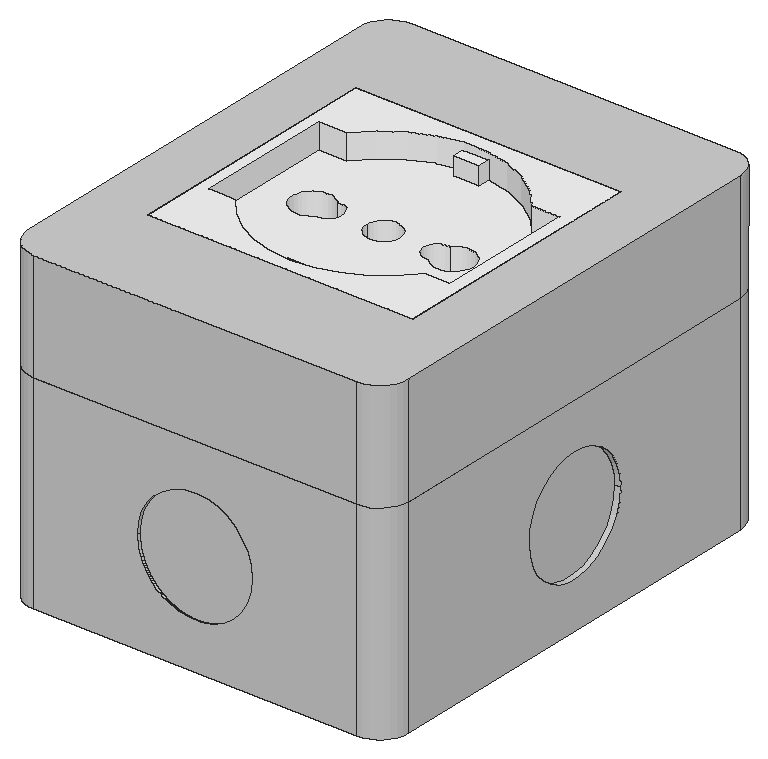
Revit family "Domotics-DomesticRanges-GEWISS-27COMBI_SYSTEM-IP40_SOCKET-OUTLET_ITA_DEU", category Apparecchi elettrici, host Superficie, Revit 2016
Family settings
  Host = Superficie
  Mantenere orientamento annotazione = Sì
  Tipo di parte = Normale
  Quota connettore circolare = Usa diametro
  Numero OmniClass = 23.80.50.14
  Titolo OmniClass = Plug Connectors
  Taglio con vuoti quando caricato = Sì
  Condiviso = Sì
  Punto di calcolo locali = No
Parameters (values of type "GW27812 - With 2P+E 16A d.amp ita/ger std socket IP40")
  Voltage: = "250 V ac"
  Voltage = "230V ac"
  Vista di pianta [instance] = yes
  Version file RFA = "19.4"
  URL = "https://www.gewiss.com/ww/en"
  Type of knockout holes = "Removable with tool"
  Torque screws tightening = "0,8NM"
  Thermo-pressure with ball = "70 °C"
  Technical sheet = "https://www.gewiss.com/ww/en/search?q=GW27812"
  Standard; = "IEC 60884-1"
  Simbolo = SIMBOLO PRESE : PRESA
  SIMBOLO [instance] = yes
  SEO = "Enclosure"
  SCATOLA = GEWISS GRIGIO
  Realized by GEWISS S.p.A. = ""
  Produttore = "GEWISS S.p.A."
  Outer dim. LxHxD (mm) = "66x82x55"
  Offset contenitore [instance] = 0 mm
  Offset bidimensionale [instance] = Offset contenitore + 55 mm  # 55 mm
  No. knockout holes Ã˜23 = "3 on sides / 1 on the bottom"
  N. holes Ã˜ 23 with cable gland = "1"
  Modello = "GW27812"
  Lid screws = "Corrosion-resistant steel"
  Larghezza scatola = 66 mm
  Larghezza foro = 23 mm
  Insulation class = "II"
  Installation temperature = "-25 +60 °C"
  IP degree = "IP40"
  IFC.TypeObject = ""
  IFC.ExportType = ""
  IFC.ExportAs = ""
  IDT = "02c93d32-6b55-41be-8c82-e1a355b4a134"
  IDF = "929f552d-a035-4d17-9d42-3083c22ae845"
  Glow Wire Test = "650°C"
  GW - Testo elettrico = "10/16"
  Electrocod = "0131"
  EAN code = "8011564095403"
  Distanza orizzontale simbolo [instance] = 231.658 mm
  Distanza dal muro [instance] = 0 mm
  Default Elevation = 1219.2 mm
  Immagine tipo = GW27812.jpg
  Dimensions LxHxD (mm) = "66x82x55"
  Descrizione = "2P+E 16A D.AMP ITA/GER STD SOCKET IP40"
  Description: = "S.-outlet 2P+E - 16A Dual amp"
  Cornice simbolo [instance] = yes
  Colour = "Grey RAL 7035"
  Characteristics = "Italian/German standard"
  Catalogue Range = "27COMBI"
  Catalogue = "DOMOTICS"
  COBie.Tagnumber = ""
  COBie.CreatedOn = ""
  COBie.CreatebBy = ""
  COBie.ComponentRegisterItemID = ""
  COBie.Component.TagNumber = ""
  COBie.Component.Space = ""
  COBie.Component.SerialNumber = ""
  COBie.Component.InstallationDate = ""
  COBie.Component.Description = ""
  COBie.Component.BarCode = ""
Reference planes
  plane 1 "Centro (Fronte/Retro)": y = 0
  plane 2: z = 0
  plane 3 "Centro (Sinistra/Destra)": x = 0
  plane 4 "1": z = 0
  plane 5 "piano bidimensionale": z = 55
  plane 6: x = -231.658
  plane 7: x = -11.5
  plane 8: x = 11.5
  plane 9: x = -33
  plane 10: x = 33
Forms (mm)
  Extrusion 1, solid, material "GEWISS GRIGIO" <- "SCATOLA", detail levels coarse
    sketch origin (0, 0, 0) x (0, -1, 0) y (1, 0, 0)
      loop
        line (-41, 28) -> (-41, -28)
        arc (-41, -28) -> (-39.536, -31.536) -> (-36, -33) r 5
        line (-36, -33) -> (36, -33)
        arc (36, -33) -> (39.536, -31.536) -> (41, -28) r 5
        line (41, -28) -> (41, 28)
        arc (41, 28) -> (39.536, 31.536) -> (36, 33) r 5
        line (36, 33) -> (-36, 33)
        arc (-36, 33) -> (-39.536, 31.536) -> (-41, 28) r 5
    from 0 to 55
Lines and regions (mm)
  Masking region 1, visible <- "Vista di pianta"
    outline origin (0, 0, 0) x (1, 0, 0) y (0, 0, 1)
      loop
        line (33, 55) -> (-33, 55) -> (-33, 0) -> (33, 0) -> (33, 55)
  Masking region 2
    outline origin (0, 0, 0) x (1, 0, 0) y (0, 0, 1)
      loop
        line (-33, 0) -> (33, 0) -> (33, 55) -> (-33, 55) -> (-33, 0)
  Masking region 3
    outline origin (0, 0, 0) x (0, 1, 0) y (0, 0, 1)
      loop
        line (-41, 0) -> (41, 0) -> (41, 55) -> (-41, 55) -> (-41, 0)
  Masking region 4
    outline origin (0, 0, 55) x (0, -1, 0) y (1, 0, 0)
      loop
        line (-11.913, -20.961) -> (11.913, -20.961) -> (11.913, -16.493)
        arc (11.913, -16.493) -> (20.345, 0) -> (11.913, 16.493) r 20.345
        line (11.913, 16.493) -> (11.913, 20.961) -> (-11.913, 20.961) -> (-11.913, 16.013)
        arc (-11.913, 16.013) -> (-19.959, 0) -> (-11.913, -16.013) r 19.959
        line (-11.913, -16.013) -> (-11.913, -20.961)
      loop
        arc (2.712, -9.662) -> (0.143, -7.04) -> (-2.27, -9.805) r 2.5
        arc (-2.27, -9.805) -> (0.395, -15.774) -> (2.712, -9.662) r 3.536
      loop
        circle (0.137, 0.006) r 2.942
      loop
        arc (2.712, 9.662) -> (0.395, 15.774) -> (-2.27, 9.805) r 3.536
        arc (-2.27, 9.805) -> (0.143, 7.04) -> (2.712, 9.662) r 2.5
  Masking region 5, detail levels medium+fine
    outline origin (0, 0, 0) x (1, 0, 0) y (0, 0, 1)
      loop
        circle (0, 17.851) r 11.5
  Masking region 6, detail levels medium+fine
    outline origin (0, 0, 0) x (0, 1, 0) y (0, 0, 1)
      loop
        circle (0, 18.3) r 11.5
  Masking region 7
    outline origin (0, 0, 55) x (0, -1, 0) y (1, 0, 0)
      loop
        line (-22.5, -23) -> (22.5, -23) -> (22.5, 23) -> (-22.5, 23) -> (-22.5, -23)
      loop
        line (-11.913, -16.013) -> (-11.913, -20.961) -> (11.913, -20.961) -> (11.913, -16.493)
        arc (11.913, -16.493) -> (20.345, 0) -> (11.913, 16.493) r 20.345
        line (11.913, 16.493) -> (11.913, 20.961) -> (-11.913, 20.961) -> (-11.913, 16.013)
        arc (-11.913, 16.013) -> (-19.959, 0) -> (-11.913, -16.013) r 19.959
  model lines, detail levels coarse
    curve 1: line (-23, 22.5, 55) -> (23, 22.5, 55)
    curve 2: line (-23, -22.5, 55) -> (-23, 22.5, 55)
    curve 3: line (23, -22.5, 55) -> (-23, -22.5, 55)
    curve 4: line (23, 22.5, 55) -> (23, -22.5, 55)
    curve 5: arc (-16.013, 11.913, 55) -> (0, 19.959, 55) -> (16.013, 11.913, 55) r 19.959
    curve 6: line (16.013, 11.913, 55) -> (20.961, 11.913, 55)
    curve 7: line (20.961, 11.913, 55) -> (20.961, -11.913, 55)
    curve 8: line (20.961, -11.913, 55) -> (16.493, -11.913, 55)
    curve 9: arc (16.493, -11.913, 55) -> (0, -20.345, 55) -> (-16.493, -11.913, 55) r 20.345
    curve 10: line (-16.493, -11.913, 55) -> (-20.961, -11.913, 55)
    curve 11: line (-20.961, -11.913, 55) -> (-20.961, 11.913, 55)
    curve 12: line (-20.961, 11.913, 55) -> (-16.013, 11.913, 55)
    curve 13: arc (-9.662, -2.712, 55) -> (-15.774, -0.395, 55) -> (-9.805, 2.27, 55) r 3.536
    curve 14: arc (-9.805, 2.27, 55) -> (-7.04, -0.143, 55) -> (-9.662, -2.712, 55) r 2.5
    curve 15: arc (-2.935, -0.137, 55) -> (0.006, 2.805, 55) -> (2.948, -0.137, 55) r 2.942
    curve 16: arc (2.948, -0.137, 55) -> (0.006, -3.079, 55) -> (-2.935, -0.137, 55) r 2.942
    curve 17: arc (9.805, 2.27, 55) -> (15.774, -0.395, 55) -> (9.662, -2.712, 55) r 3.536
    curve 18: arc (9.662, -2.712, 55) -> (7.04, -0.143, 55) -> (9.805, 2.27, 55) r 2.5
    curve 19: line (2.211, 17.826, 55) -> (2.211, 19.836, 55)
    curve 20: arc (2.211, 19.836, 55) -> (0, 19.959, 55) -> (-2.211, 19.836, 55) r 19.959
    curve 21: line (-2.211, 19.836, 55) -> (-2.211, 17.826, 55)
    curve 22: line (-2.211, 17.826, 55) -> (2.211, 17.826, 55)
    curve 23: line (2.211, -18.215, 55) -> (-2.211, -18.215, 55)
    curve 24: line (-2.211, -18.215, 55) -> (-2.211, -20.225, 55)
    curve 25: arc (-2.211, -20.225, 55) -> (0, -20.345, 55) -> (2.211, -20.225, 55) r 20.345
    curve 26: line (2.211, -20.225, 55) -> (2.211, -18.215, 55)
  model lines, not visible, detail levels coarse
    curve 27: line (-23, 22.5, 55) -> (23, 22.5, 55)
    curve 28: line (-23, -22.5, 55) -> (-23, 22.5, 55)
    curve 29: line (23, -22.5, 55) -> (-23, -22.5, 55)
    curve 30: line (23, 22.5, 55) -> (23, -22.5, 55)
    curve 31: arc (-16.013, 11.913, 55) -> (0, 19.959, 55) -> (16.013, 11.913, 55) r 19.959
    curve 32: line (16.013, 11.913, 55) -> (20.961, 11.913, 55)
    curve 33: line (20.961, 11.913, 55) -> (20.961, -11.913, 55)
    curve 34: line (20.961, -11.913, 55) -> (16.493, -11.913, 55)
    curve 35: arc (16.493, -11.913, 55) -> (0, -20.345, 55) -> (-16.493, -11.913, 55) r 20.345
    curve 36: line (-16.493, -11.913, 55) -> (-20.961, -11.913, 55)
    curve 37: line (-20.961, -11.913, 55) -> (-20.961, 11.913, 55)
    curve 38: line (-20.961, 11.913, 55) -> (-16.013, 11.913, 55)
    curve 39: arc (-9.662, -2.712, 55) -> (-15.774, -0.395, 55) -> (-9.805, 2.27, 55) r 3.536
    curve 40: arc (-9.805, 2.27, 55) -> (-7.04, -0.143, 55) -> (-9.662, -2.712, 55) r 2.5
    curve 41: arc (-2.935, -0.137, 55) -> (0.006, 2.805, 55) -> (2.948, -0.137, 55) r 2.942
    curve 42: arc (2.948, -0.137, 55) -> (0.006, -3.079, 55) -> (-2.935, -0.137, 55) r 2.942
    curve 43: arc (9.805, 2.27, 55) -> (15.774, -0.395, 55) -> (9.662, -2.712, 55) r 3.536
    curve 44: arc (9.662, -2.712, 55) -> (7.04, -0.143, 55) -> (9.805, 2.27, 55) r 2.5
    curve 45: line (2.211, 17.826, 55) -> (2.211, 19.836, 55)
    curve 46: arc (2.211, 19.836, 55) -> (0, 19.959, 55) -> (-2.211, 19.836, 55) r 19.959
    curve 47: line (-2.211, 19.836, 55) -> (-2.211, 17.826, 55)
    curve 48: line (-2.211, 17.826, 55) -> (2.211, 17.826, 55)
    curve 49: line (2.211, -18.215, 55) -> (-2.211, -18.215, 55)
    curve 50: line (-2.211, -18.215, 55) -> (-2.211, -20.225, 55)
    curve 51: arc (-2.211, -20.225, 55) -> (0, -20.345, 55) -> (2.211, -20.225, 55) r 20.345
    curve 52: line (2.211, -20.225, 55) -> (2.211, -18.215, 55)
Dimensions and locks
  "Offset contenitore": plane 4 "1" to host face
  "Offset bidimensionale": plane 5 "piano bidimensionale" to plane 2
  "Distanza orizzontale simbolo": plane 3 "Centro (Sinistra/Destra)" to plane 6
  "Larghezza foro": plane 7 to plane 8
  equal spacing: plane 7, plane 3 "Centro (Sinistra/Destra)", plane 8
  "Distanza orizzontale simbolo": plane 6 to plane 3 "Centro (Sinistra/Destra)"
  equal spacing: plane 9, plane 3 "Centro (Sinistra/Destra)", plane 10
  "Larghezza scatola": plane 9 to plane 10
  aligned and locked: plane 2 to host face
  aligned and locked: level to host face
  aligned and locked: plane 10 to Masking region 1 sketch curve
  aligned and locked: Masking region 1 sketch curve to plane 9
  aligned and locked: Masking region 2 sketch curve to Masking region 1
  aligned and locked: plane 5 "piano bidimensionale" to Masking region 3 sketch curve
  aligned and locked: plane 3 "Centro (Sinistra/Destra)" to nested 3
  aligned and locked: plane 1 "Centro (Fronte/Retro)" to nested 3
  aligned and locked: nested 4 to plane 5 "piano bidimensionale"
  aligned and locked: Extrusion 1 sketch curve to nested 4  (x4)
  aligned and locked: plane 5 "piano bidimensionale" to Extrusion 1
  aligned and locked: nested 3 to Extrusion 1  (x2)
  aligned and locked: Masking region 7 sketch curve to nested 4  (x4)
  aligned and locked: nested 3 to nested 2
Automatic sketch dimensions
  host sketch curve to host sketch curve = 2438.4 mm  (x2)
  Masking region 4 sketch curve to Masking region 4 sketch curve = 0 mm  (x2)
  plane 1 "Centro (Fronte/Retro)" to Masking region 4 sketch curve = 0 mm
  Masking region 4 sketch curve to plane 3 "Centro (Sinistra/Destra)" = 0 mm
  Masking region 4 sketch curve to plane 1 "Centro (Fronte/Retro)" = 11.913 mm  (x2)
  plane 8 to Masking region 4 sketch curve = 4.993 mm
  plane 1 "Centro (Fronte/Retro)" to Masking region 4 sketch curve = 11.913 mm
  Masking region 4 sketch curve to plane 7 = 4.993 mm
  Masking region 4 sketch curve to plane 7 = 9.461 mm
  Masking region 4 sketch curve to plane 7 = 4.513 mm
  Masking region 4 sketch curve to Masking region 4 sketch curve = 4.947 mm
  plane 1 "Centro (Fronte/Retro)" to Masking region 4 sketch curve = 0.215 mm  (x2)
  plane 1 "Centro (Fronte/Retro)" to Masking region 4 sketch curve = 0.293 mm  (x2)
  Masking region 4 sketch curve to plane 7 = 0.74 mm
  plane 7 to Masking region 4 sketch curve = 1.961 mm
  Masking region 4 sketch curve to plane 1 "Centro (Fronte/Retro)" = 2.27 mm  (x2)
  plane 7 to Masking region 4 sketch curve = 1.838 mm
  plane 3 "Centro (Sinistra/Destra)" to Masking region 4 sketch curve = 0.006 mm
  plane 1 "Centro (Fronte/Retro)" to Masking region 4 sketch curve = 0.137 mm
  Masking region 4 sketch curve to plane 3 "Centro (Sinistra/Destra)" = 2.935 mm
  Masking region 4 sketch curve to plane 8 = 1.961 mm
  plane 8 to Masking region 4 sketch curve = 0.74 mm
  Masking region 4 sketch curve to plane 8 = 1.838 mm
  Masking region 1 sketch curve to plane 4 "1" = 0 mm
  Masking region 1 sketch curve to plane 5 "piano bidimensionale" = 0 mm
  Masking region 2 sketch curve to plane 5 "piano bidimensionale" = 0 mm
  Masking region 2 sketch curve to plane 9 = 0 mm
  Masking region 2 sketch curve to plane 4 "1" = 0 mm
  Masking region 3 sketch curve to plane 4 "1" = 0 mm
  plane 1 "Centro (Fronte/Retro)" to Masking region 3 sketch curve = 41 mm
  Masking region 3 sketch curve to plane 1 "Centro (Fronte/Retro)" = 41 mm
  Extrusion 1 sketch curve to Extrusion 1 sketch curve = 5 mm  (x2)
  Extrusion 1 sketch curve to plane 10 = 5 mm  (x2)
  Masking region 5 sketch curve to plane 3 "Centro (Sinistra/Destra)" = 0 mm
  plane 4 "1" to Masking region 5 sketch curve = 17.851 mm
  Masking region 6 sketch curve to plane 1 "Centro (Fronte/Retro)" = 0 mm
  plane 4 "1" to Masking region 6 sketch curve = 18.3 mm
  Masking region 7 sketch curve to Masking region 7 sketch curve = 0 mm  (x2)
  plane 1 "Centro (Fronte/Retro)" to Masking region 7 sketch curve = 0 mm
  Masking region 7 sketch curve to plane 3 "Centro (Sinistra/Destra)" = 0 mm
  Masking region 7 sketch curve to Masking region 7 sketch curve = 10.587 mm  (x4)
  Masking region 7 sketch curve to plane 7 = 9.461 mm
  Masking region 7 sketch curve to Masking region 7 sketch curve = 4.468 mm
  Masking region 7 sketch curve to plane 7 = 4.513 mm
  Masking region 7 sketch curve to Masking region 7 sketch curve = 4.947 mm
  radius of Masking region 5 sketch curve = 11.5 mm
  radius of Masking region 6 sketch curve = 11.5 mm
Nested families
  nested 1: "SIMBOLO PRESE" at (-231.658, 78.009, 0), TESTO ELETTRICO <- "GW - Testo elettrico", Distanza dal muro <- "Distanza dal muro", BORDO ACCESO <- "Cornice simbolo", type <- "Simbolo", SIMBOLO <- "SIMBOLO", type "PRESA"
    with TESTO ELETTRICO "10/16", SIMBOLO yes, Distanza dal muro 0 mm, BORDO ACCESO yes
  nested 2: "SYSTEM PRESE ITAGER P17-30 16A_BASE" at (0, 0, 18.3), type "GW20246 - PRESA 2P+T 16A BIV.ST.ITALIANO/TED.SY/WT"
  nested 3: "SYSTEM CONTENITORI IP40_BASE" at (0, 0, 0), type "GW27002 - 2 posti"
  nested 4: "bidimensionale system contenitori IP40" at (0, 0, 55), type "2P", detail levels coarse
Connectors
  cabletrayconduit at (33, 0, 18), diameter 23
    settings: on nested 3, index 1, connector width 300 mm, connector height 300 mm, connector angle 0.00°, system type 32, placement type 0, profile type 0, connector reference index -1, is primary connector yes, connector utility param no, connector description ""
  cabletrayconduit at (0, -41, 18), diameter 23
    settings: on nested 3, index 2, connector width 300 mm, connector height 300 mm, connector angle 0.00°, system type 32, placement type 0, profile type 0, connector reference index -1, is primary connector no, connector utility param no, connector description ""
  cabletrayconduit at (0, 40.592, 18), diameter 23
    settings: on nested 3, index 3, connector width 300 mm, connector height 300 mm, connector angle 0.00°, system type 32, placement type 0, profile type 0, connector reference index -1, is primary connector no, connector utility param no, connector description ""
  cabletrayconduit at (-33, 0, 18), diameter 23
    settings: on nested 3, index 4, connector width 300 mm, connector height 300 mm, connector angle 0.00°, system type 32, placement type 0, profile type 0, connector reference index -1, is primary connector no, connector utility param no, connector description ""
Definition of nested family "SYSTEM PRESE ITAGER P17-30 16A_BASE"
  Parameters (values of type "GW20246 - PRESA 2P+T 16A BIV.ST.ITALIANO/TED.SY/WT")
    Struttura = none
    Pulsante = none
    Profondità supporto = 28.04 mm
    Profondità presa = 36.7 mm
    Larghezza presa = 46 mm
    Distanza simbolo = 30 mm
    Bidimensionale = 44.7 mm
    Altezza simbolo = 30 mm
    Altezza presa = 45 mm
  Types (4): name
    GW20246 - PRESA 2P+T 16A BIV.ST.ITALIANO/TED.SY/WT
    GW20296 - PRESA 2P+T 16A BIV.ST.ITALIANO/TED.RED
    GW20282 - PRESA 2P+T 16A BIV.ST.ITALIANO/TED.GREEN
    GW20287 - PRESA 2P+T 16A BIV.ST.ITALIANO/TED.ORANGE
  Reference planes
    plane 1 "Centro (Fronte/Retro)": y = 0
    plane 2: z = 0
    plane 3 "Centro (Sinistra/Destra)": x = 0
    plane 4: x = -23
    plane 5: x = 23
    plane 6: y = 22.5
    plane 7: y = -22.5
    plane 8 "PIANO BIDIMENSIONALE": z = 44.7
    plane 9: z = 28.04
    plane 10: z = 36.7
    plane 11: z = 32.37
  Forms (mm)
    Extrusion 1, solid, material <- "Struttura", detail levels medium+fine
      sketch origin (0, 0, 0) x (0, 1, 0) y (0, 0, 1)
        loop
          line (22.5, 0.5) -> (22.5, 28.04) -> (-22.5, 28.04) -> (-22.5, 0.5)
          arc (-22.5, 0.5) -> (-22.354, 0.146) -> (-22, 0) r 0.5
          line (-22, 0) -> (22, 0)
          arc (22, 0) -> (22.354, 0.146) -> (22.5, 0.5) r 0.5
      from -23 to 23
    Extrusion 2, solid, material <- "Pulsante", detail levels medium+fine
      sketch origin (0, 0, 0) x (0, 1, 0) y (0, 0, 1)
        loop
          line (-22.5, 28.04) -> (22.5, 28.04) -> (22.5, 32.37) -> (-22.5, 32.37) -> (-22.5, 28.04)
      from -23 to 23
    Extrusion 3, void, detail levels medium+fine
      sketch origin (0, 0, 44.7) x (-1, 0, 0) y (0, -1, 0)
        loop
          arc (9.662, 2.712) -> (7.04, 0.143) -> (9.805, -2.27) r 2.5
          arc (9.805, -2.27) -> (15.774, 0.395) -> (9.662, 2.712) r 3.536
        loop
          circle (-0.006, 0.137) r 2.942
        loop
          arc (-9.805, -2.27) -> (-7.04, 0.143) -> (-9.662, 2.712) r 2.5
          arc (-9.662, 2.712) -> (-15.774, 0.395) -> (-9.805, -2.27) r 3.536
      from -16.66 to -12.33
    Extrusion 4, solid, material <- "Pulsante", detail levels medium+fine
      sketch origin (0, 0, 44.7) x (-1, 0, 0) y (0, -1, 0)
        loop
          line (23, -22.5) -> (23, 22.5) -> (-23, 22.5) -> (-23, -22.5) -> (23, -22.5)
        loop
          arc (16.493, 11.913) -> (0, 20.345) -> (-16.493, 11.913) r 20.345
          line (-16.493, 11.913) -> (-20.961, 11.913) -> (-20.961, -11.913) -> (-16.013, -11.913)
          arc (-16.013, -11.913) -> (0, -19.959) -> (16.013, -11.913) r 19.959
          line (16.013, -11.913) -> (20.961, -11.913) -> (20.961, 11.913) -> (16.493, 11.913)
      from -12.33 to -8
    Extrusion 5, solid, material <- "Pulsante", detail levels medium+fine
      sketch origin (0, 0, 44.7) x (-1, 0, 0) y (0, -1, 0)
        loop
          line (-2.211, -17.826) -> (-2.211, -19.836)
          arc (-2.211, -19.836) -> (0, -19.959) -> (2.211, -19.836) r 19.959
          line (2.211, -19.836) -> (2.211, -17.826) -> (-2.211, -17.826)
        loop
          arc (2.211, 20.225) -> (0, 20.345) -> (-2.211, 20.225) r 20.345
          line (-2.211, 20.225) -> (-2.211, 18.215) -> (2.211, 18.215) -> (2.211, 20.225)
      from -12.33 to -9.263
  Cuts and joins
    Extrusion 3 cuts Extrusion 2
    joined: Extrusion 2, Extrusion 4, Extrusion 5
  Lines and regions (mm)
    model lines, not visible, detail levels coarse
      curve 1: line (-23, 22.5, -20.04) -> (23, 22.5, -20.04)
      curve 2: line (-23, -22.5, -20.04) -> (-23, 22.5, -20.04)
      curve 3: line (23, -22.5, -20.04) -> (-23, -22.5, -20.04)
      curve 4: line (23, 22.5, -20.04) -> (23, -22.5, -20.04)
      curve 5: line (20.961, -11.913, -20.04) -> (20.961, 11.913, -20.04)
      curve 6: line (20.961, 11.913, -20.04) -> (16.013, 11.913, -20.04)
      curve 7: arc (16.013, 11.913, -20.04) -> (0, 19.959, -20.04) -> (-16.013, 11.913, -20.04) r 19.959
      curve 8: line (-20.961, 11.913, -20.04) -> (-16.013, 11.913, -20.04)
      curve 9: line (-20.961, -11.913, -20.04) -> (-20.961, 11.913, -20.04)
      curve 10: line (-16.493, -11.913, -20.04) -> (-20.961, -11.913, -20.04)
      curve 11: arc (-16.493, -11.913, -20.04) -> (0, -20.345, -20.04) -> (16.493, -11.913, -20.04) r 20.345
      curve 12: line (16.493, -11.913, -20.04) -> (20.961, -11.913, -20.04)
      curve 13: line (2.211, -20.225, -20.04) -> (2.211, -18.215, -20.04)
      curve 14: line (-2.211, -20.225, -20.04) -> (-2.211, -18.215, -20.04)
      curve 15: line (2.211, -18.215, -20.04) -> (-2.211, -18.215, -20.04)
      curve 16: line (-2.211, 19.836, -20.04) -> (-2.211, 17.826, -20.04)
      curve 17: line (2.211, 19.836, -20.04) -> (2.211, 17.826, -20.04)
      curve 18: line (2.211, 17.826, -20.04) -> (-2.211, 17.826, -20.04)
      curve 19: circle (0.006, -0.137, -20.04) r 2.942 normal (0, 0, 1)
      curve 20: arc (-9.662, -2.712, -20.04) -> (-7.04, -0.143, -20.04) -> (-9.805, 2.27, -20.04) r 2.5
      curve 21: arc (-9.805, 2.27, -20.04) -> (-15.774, -0.395, -20.04) -> (-9.662, -2.712, -20.04) r 3.536
      curve 22: arc (9.805, 2.27, -20.04) -> (7.04, -0.143, -20.04) -> (9.662, -2.712, -20.04) r 2.5
      curve 23: arc (9.662, -2.712, -20.04) -> (15.774, -0.395, -20.04) -> (9.805, 2.27, -20.04) r 3.536
  Dimensions and locks
    equal spacing: plane 4, plane 3 "Centro (Sinistra/Destra)", plane 5
    "Larghezza presa": plane 4 to plane 5
    equal spacing: plane 6, plane 1 "Centro (Fronte/Retro)", plane 7
    "Altezza presa": plane 6 to plane 7
    "Bidimensionale": plane 8 "PIANO BIDIMENSIONALE" to plane 2
    "Profondità presa": plane 10 to plane 2
    equal spacing: plane 10, plane 11, plane 9
    aligned and locked: level to plane 2
    aligned and locked: Extrusion 1 to Extrusion 2  (x2)
    aligned and locked: Extrusion 2 sketch curve to Extrusion 1
    aligned and locked: plane 9 to Extrusion 1
    aligned and locked: Extrusion 3 to Extrusion 1
    aligned and locked: Extrusion 2 to plane 4
    aligned and locked: plane 5 to Extrusion 2
    aligned and locked: Extrusion 4 sketch curve to Extrusion 1
    aligned and locked: plane 11 to Extrusion 3
    aligned and locked: Extrusion 2 to Extrusion 3
    aligned and locked: Extrusion 4 to Extrusion 2
    aligned and locked: plane 10 to Extrusion 4
    aligned and locked: Extrusion 5 to Extrusion 2
  Automatic sketch dimensions
    Extrusion 1 sketch curve to level = 0 mm
    level to Extrusion 1 sketch curve = 0.5 mm
    plane 7 to Extrusion 1 sketch curve = 0 mm
    Extrusion 1 sketch curve to Extrusion 1 sketch curve = 0.5 mm
    Extrusion 1 sketch curve to plane 8 "PIANO BIDIMENSIONALE" = 16.66 mm
    Extrusion 2 sketch curve to plane 6 = 0 mm
    Extrusion 1 sketch curve to plane 6 = 0 mm
    curve 7 to curve 11 = 0 mm  (x4)
    curve 3 to curve 5 = 2.039 mm
    curve 5 to curve 12 = 4.468 mm
    curve 5 to curve 6 = 4.947 mm
    curve 11 to curve 23 = 4.253 mm
    curve 7 to curve 18 = 13.803 mm
    curve 12 to curve 13 = 14.282 mm
    curve 22 to curve 19 = 9.533 mm
    curve 19 to curve 11 = 0.006 mm
    curve 13 to curve 14 = 4.421 mm
    curve 17 to curve 18 = 4.421 mm
    curve 7 to curve 20 = 9.539 mm
    curve 20 to curve 21 = 2.701 mm
    curve 21 to curve 8 = 3.774 mm
    curve 21 to curve 10 = 4.253 mm
    curve 7 to curve 9 = 4.947 mm
    curve 9 to curve 2 = 2.039 mm
    curve 1 to curve 18 = 4.674 mm
    curve 1 to curve 6 = 10.587 mm
    curve 16 to curve 7 = 17.826 mm
    curve 7 to curve 19 = 0.137 mm
    curve 19 to curve 22 = 0.079 mm
    curve 7 to curve 20 = 0.215 mm
    curve 22 to curve 23 = 0.078 mm
    curve 20 to curve 21 = 0.078 mm
    curve 21 to curve 9 = 11.62 mm
    curve 13 to curve 13 = 2.01 mm
    curve 9 to curve 3 = 10.587 mm
    curve 22 to curve 22 = 0.266 mm
    curve 23 to curve 22 = 0.122 mm
    curve 20 to curve 21 = 0.122 mm
    curve 20 to curve 21 = 0.266 mm
    curve 22 to curve 22 = 2.486 mm
    plane 1 "Centro (Fronte/Retro)" to Extrusion 3 sketch curve = 0.215 mm  (x2)
    Extrusion 3 sketch curve to plane 3 "Centro (Sinistra/Destra)" = 9.539 mm
    plane 1 "Centro (Fronte/Retro)" to Extrusion 3 sketch curve = 0.293 mm  (x2)
    Extrusion 3 sketch curve to Extrusion 3 sketch curve = 2.701 mm  (x2)
    Extrusion 3 sketch curve to Extrusion 3 sketch curve = 0.122 mm  (x2)
    Extrusion 3 sketch curve to plane 1 "Centro (Fronte/Retro)" = 2.27 mm  (x2)
    plane 3 "Centro (Sinistra/Destra)" to Extrusion 3 sketch curve = 0.006 mm
    Extrusion 3 sketch curve to Extrusion 3 sketch curve = 9.533 mm
    plane 1 "Centro (Fronte/Retro)" to Extrusion 3 sketch curve = 0.137 mm
    Extrusion 2 sketch curve to plane 7 = 0 mm
    Extrusion 2 sketch curve to plane 8 "PIANO BIDIMENSIONALE" = 12.33 mm
    plane 4 to Extrusion 4 sketch curve = 2.039 mm
    plane 7 to Extrusion 4 sketch curve = 10.587 mm  (x2)
    Extrusion 4 sketch curve to Extrusion 4 sketch curve = 4.468 mm  (x2)
    Extrusion 4 sketch curve to plane 6 = 10.587 mm
    Extrusion 4 sketch curve to Extrusion 4 sketch curve = 4.947 mm
    plane 1 "Centro (Fronte/Retro)" to Extrusion 4 sketch curve = 0 mm
    Extrusion 4 sketch curve to plane 3 "Centro (Sinistra/Destra)" = 0 mm
    Extrusion 4 sketch curve to plane 5 = 6.987 mm
    Extrusion 4 sketch curve to plane 5 = 2.039 mm
    Extrusion 4 sketch curve to Extrusion 4 sketch curve = 0 mm
    Extrusion 5 sketch curve to plane 3 "Centro (Sinistra/Destra)" = 2.211 mm  (x2)
    Extrusion 5 sketch curve to plane 6 = 4.674 mm
    Extrusion 5 sketch curve to Extrusion 5 sketch curve = 2.01 mm  (x4)
    plane 1 "Centro (Fronte/Retro)" to Extrusion 5 sketch curve = 0 mm
    Extrusion 5 sketch curve to plane 3 "Centro (Sinistra/Destra)" = 0 mm
    plane 7 to Extrusion 5 sketch curve = 4.285 mm
    Extrusion 5 sketch curve to Extrusion 5 sketch curve = 0 mm  (x2)
    Extrusion 4 sketch curve to plane 5 = 0 mm
    Extrusion 4 sketch curve to plane 6 = 0 mm
    Extrusion 4 sketch curve to plane 7 = 0 mm
    radius of curve 19 = 2.942 mm
    radius of Extrusion 3 sketch curve = 2.942 mm
Definition of nested family "SYSTEM CONTENITORI IP40_BASE"
  Parameters (values of type "GW27001 - 1 posto")
    SCATOLA = none
    PRESA = none
    Profondità scatola = 55 mm  # constant formula
    Larghezza scatola = 66 mm
    Larghezza foro = 23 mm
    Bidimensionale = 70 mm
    Altezza scatola = 82 mm
  Types (4, lengths in mm): name | Larghezza scatola | Larghezza foro
    GW27001 - 1 posto | 66 | 23
    GW27002 - 2 posti | 66 | 46
    GW27003 - 3 posti | 99 | 69
    GW27004 - 4 posti | 132 | 92
  Reference planes
    plane 1 "Centro (Fronte/Retro)": y = 0
    plane 2: z = 0
    plane 3 "Centro (Sinistra/Destra)": x = 0
    plane 4: y = -41
    plane 5: y = 41
    plane 6: x = -33
    plane 7: x = 33
    plane 8 "PIANO BIDIMENSIONALE": z = 70
    plane 9: z = 55
    plane 10: x = -11.5
    plane 11: x = 11.5
    plane 12: y = 22.5
    plane 13: y = -22.5
  Forms (mm)
    Extrusion 1, solid, material <- "SCATOLA", detail levels medium+fine
      sketch origin (0, 0, 66) x (0, -1, 0) y (1, 0, 0)
        loop
          arc (-41, -28) -> (-39.536, -31.536) -> (-36, -33) r 5
          line (-36, -33) -> (36, -33)
          arc (36, -33) -> (39.536, -31.536) -> (41, -28) r 5
          line (41, -28) -> (41, 28)
          arc (41, 28) -> (39.536, 31.536) -> (36, 33) r 5
          line (36, 33) -> (-36, 33)
          arc (-36, 33) -> (-39.536, 31.536) -> (-41, 28) r 5
          line (-41, 28) -> (-41, -28)
        loop
          line (39, -28) -> (39, 28)
          arc (39, 28) -> (38.121, 30.121) -> (36, 31) r 3
          line (36, 31) -> (-36, 31)
          arc (-36, 31) -> (-38.121, 30.121) -> (-39, 28) r 3
          line (-39, 28) -> (-39, -28)
          arc (-39, -28) -> (-38.121, -30.121) -> (-36, -31) r 3
          line (-36, -31) -> (36, -31)
          arc (36, -31) -> (38.121, -30.121) -> (39, -28) r 3
      from -66 to -30
    Extrusion 2, solid, material <- "SCATOLA", detail levels medium+fine
      sketch origin (0, 0, 0) x (1, 0, 0) y (0, 0, 1)
        loop
          circle (0, 18) r 16
      from -43 to -41
    Extrusion 3, solid, material <- "SCATOLA", detail levels medium+fine
      sketch origin (0, 41, 0) x (-1, 0, 0) y (0, 0, 1)
        loop
          circle (0, 18) r 13
      from 5 to 3
    Extrusion 4, solid, material <- "SCATOLA", detail levels medium+fine
      sketch origin (0, 41, 0) x (-1, 0, 0) y (0, 0, 1)
        loop
          circle (0, 18) r 10
      from 8 to 6
    Extrusion 5, solid, material <- "SCATOLA", detail levels medium+fine
      sketch origin (0, 41, 0) x (-1, 0, 0) y (0, 0, 1)
        loop
          circle (0, 18) r 3
      from 2 to 6
    Extrusion 6, void, detail levels medium+fine
      sketch origin (0, 0, 0) x (0, 1, 0) y (0, 0, 1)
        loop
          circle (0, 18) r 10
      from 31.916 to 33
    Extrusion 7, void, detail levels medium+fine
      sketch origin (0, 0, 0) x (1, 0, 0) y (0, 0, 1)
        loop
          circle (0, 18) r 10
      from 40.592 to 41
    Extrusion 8, void, detail levels medium+fine
      sketch origin (0, 0, 0) x (0, 1, 0) y (0, 0, -1)
        loop
          circle (0, -18) r 11.5
      from 31.754 to 33
    Extrusion 9, void, detail levels medium+fine
      sketch origin (0, 0, 0) x (1, 0, 0) y (0, 0, -1)
        loop
          circle (0, -18) r 10
      from 40.592 to 41
    Extrusion 10, solid, material <- "SCATOLA", detail levels medium+fine
      sketch origin (0, 0, 70) x (-1, 0, 0) y (0, -1, 0)
        loop
          arc (28, -41) -> (31.536, -39.536) -> (33, -36) r 5
          line (33, -36) -> (33, 36)
          arc (33, 36) -> (31.536, 39.536) -> (28, 41) r 5
          line (28, 41) -> (-28, 41)
          arc (-28, 41) -> (-31.536, 39.536) -> (-33, 36) r 5
          line (-33, 36) -> (-33, -36)
          arc (-33, -36) -> (-31.536, -39.536) -> (-28, -41) r 5
          line (-28, -41) -> (28, -41)
        loop
          line (-11.5, 22.5) -> (-11.5, -22.5) -> (11.5, -22.5) -> (11.5, 22.5) -> (-11.5, 22.5)
      from -34 to -15
    Extrusion 11, solid, material <- "SCATOLA", detail levels medium+fine
      sketch origin (0, 0, 0) x (1, 0, 0) y (0, 1, 0)
        loop
          line (-31, 36) -> (-31, -36)
          arc (-31, -36) -> (-30.121, -38.121) -> (-28, -39) r 3
          line (-28, -39) -> (28, -39)
          arc (28, -39) -> (30.121, -38.121) -> (31, -36) r 3
          line (31, -36) -> (31, 36)
          arc (31, 36) -> (30.121, 38.121) -> (28, 39) r 3
          line (28, 39) -> (-28, 39)
          arc (-28, 39) -> (-30.121, 38.121) -> (-31, 36) r 3
      from 0 to 2
  Cuts and joins
    Extrusion 6, Extrusion 7, Extrusion 8, Extrusion 9 cuts Extrusion 1
  Lines and regions (mm)
    Masking region 1
      outline origin (0, 0, 70) x (-1, 0, 0) y (0, -1, 0)
        loop
          circle (-28, -36) r 2
        loop
          line (11.5, -22.5) -> (11.5, 22.5) -> (-11.5, 22.5) -> (-11.5, -22.5) -> (11.5, -22.5)
        loop
          line (33, -36) -> (33, 36)
          arc (33, 36) -> (31.536, 39.536) -> (28, 41) r 5
          line (28, 41) -> (-28, 41)
          arc (-28, 41) -> (-31.536, 39.536) -> (-33, 36) r 5
          line (-33, 36) -> (-33, -36)
          arc (-33, -36) -> (-31.536, -39.536) -> (-28, -41) r 5
          line (-28, -41) -> (28, -41)
          arc (28, -41) -> (31.536, -39.536) -> (33, -36) r 5
        loop
          circle (28, 36) r 2
    Masking region 2
      outline origin (0, 0, 70) x (-1, 0, 0) y (0, -1, 0)
        loop
          circle (-28, -36) r 2
        loop
          circle (28, 36) r 2
  Dimensions and locks
    equal spacing: plane 4, plane 1 "Centro (Fronte/Retro)", plane 5
    plane 4 to plane 5 = 82 mm
    equal spacing: plane 6, plane 3 "Centro (Sinistra/Destra)", plane 7
    "Larghezza scatola": plane 6 to plane 7
    equal spacing: plane 5, plane 1 "Centro (Fronte/Retro)", plane 4
    "Altezza scatola": plane 5 to plane 4
    "Bidimensionale": plane 8 "PIANO BIDIMENSIONALE" to level
    "Profondità scatola": plane 9 to plane 2
    equal spacing: plane 12, plane 1 "Centro (Fronte/Retro)", plane 13
    "Larghezza foro": plane 10 to plane 11
    equal spacing: plane 10, plane 3 "Centro (Sinistra/Destra)", plane 11
    locked: cut or joined group of Extrusion 1, Extrusion 6, Extrusion 7, Extrusion 8, Extrusion 9 to Extrusion 10 at 1.084
    locked: Extrusion 10 to cut or joined group of Extrusion 1, Extrusion 6, Extrusion 7, Extrusion 8, Extrusion 9 at 1.246
    aligned and locked: level to plane 2
    aligned and locked: Extrusion 5 to Extrusion 2
    aligned and locked: Extrusion 5 to Extrusion 4
    aligned and locked: Extrusion 1 to Extrusion 8
    aligned and locked: Masking region 1 to plane 12
    aligned and locked: plane 10 to Masking region 1
    aligned and locked: Masking region 1 to plane 11
    aligned and locked: plane 13 to Masking region 1
    aligned and locked: Extrusion 10 sketch curve to cut or joined group of Extrusion 1, Extrusion 6, Extrusion 7, Extrusion 8, Extrusion 9  (x4)
    aligned and locked: Extrusion 10 sketch curve to Masking region 1  (x4)
    aligned and locked: Extrusion 10 to cut or joined group of Extrusion 1, Extrusion 6, Extrusion 7, Extrusion 8, Extrusion 9
    aligned and locked: Extrusion 10 to plane 6
    aligned and locked: plane 7 to Extrusion 10
    aligned and locked: Extrusion 11 sketch curve to cut or joined group of Extrusion 1, Extrusion 6, Extrusion 7, Extrusion 8, Extrusion 9  (x4)
    aligned and locked: plane 7 to Extrusion 6
    aligned and locked: cut or joined group of Extrusion 1, Extrusion 6, Extrusion 7, Extrusion 8, Extrusion 9 to plane 2
  Automatic sketch dimensions
    Extrusion 1 sketch curve to plane 5 = 0 mm
    Extrusion 1 sketch curve to plane 6 = 0 mm
    Extrusion 1 sketch curve to plane 7 = 0 mm
    Extrusion 1 sketch curve to plane 4 = 0 mm
    Extrusion 1 sketch curve to Extrusion 1 sketch curve = 5 mm  (x2)
    plane 4 to Extrusion 1 sketch curve = 5 mm  (x2)
    Extrusion 2 sketch curve to plane 3 "Centro (Sinistra/Destra)" = 0 mm
    level to Extrusion 2 sketch curve = 18 mm
    Extrusion 3 sketch curve to plane 3 "Centro (Sinistra/Destra)" = 0 mm
    level to Extrusion 3 sketch curve = 18 mm
    Extrusion 4 sketch curve to plane 3 "Centro (Sinistra/Destra)" = 0 mm
    level to Extrusion 4 sketch curve = 18 mm
    Extrusion 5 sketch curve to plane 3 "Centro (Sinistra/Destra)" = 0 mm
    level to Extrusion 5 sketch curve = 18 mm
    Extrusion 6 sketch curve to plane 1 "Centro (Fronte/Retro)" = 0 mm
    level to Extrusion 6 sketch curve = 18 mm
    Extrusion 7 sketch curve to plane 3 "Centro (Sinistra/Destra)" = 0 mm
    level to Extrusion 7 sketch curve = 18 mm
    Extrusion 8 sketch curve to plane 1 "Centro (Fronte/Retro)" = 0 mm
    level to Extrusion 8 sketch curve = 18 mm
    Extrusion 9 sketch curve to plane 3 "Centro (Sinistra/Destra)" = 0 mm
    level to Extrusion 9 sketch curve = 18 mm
    Masking region 1 sketch curve to Masking region 1 sketch curve = 0 mm  (x4)
    Masking region 1 sketch curve to plane 7 = 0 mm
    Masking region 1 sketch curve to plane 5 = 0 mm
    Masking region 1 sketch curve to plane 4 = 0 mm
    Masking region 1 sketch curve to plane 6 = 0 mm
    Masking region 1 sketch curve to plane 7 = 5 mm
    plane 4 to Masking region 1 sketch curve = 5 mm
    Masking region 1 sketch curve to plane 7 = 21.5 mm
    plane 6 to Masking region 1 sketch curve = 5 mm
    Masking region 1 sketch curve to plane 5 = 5 mm
    Masking region 1 sketch curve to Masking region 1 sketch curve = 13.5 mm  (x2)
    Masking region 1 sketch curve to Masking region 1 sketch curve = 2 mm
    plane 6 to Masking region 1 sketch curve = 21.5 mm
    Extrusion 10 sketch curve to Extrusion 10 sketch curve = 5 mm
    plane 4 to Extrusion 10 sketch curve = 5 mm  (x2)
    Extrusion 10 sketch curve to plane 7 = 5 mm
    Extrusion 1 sketch curve to Extrusion 1 sketch curve = 0 mm  (x7)
    Extrusion 1 sketch curve to Extrusion 1 sketch curve = 2 mm
    Extrusion 11 sketch curve to Extrusion 11 sketch curve = 3 mm  (x2)
    Extrusion 11 sketch curve to plane 7 = 5 mm  (x2)
    Masking region 2 sketch curve to plane 7 = 5 mm
    Masking region 2 sketch curve to plane 5 = 5 mm
    Masking region 2 sketch curve to Masking region 2 sketch curve = 2 mm  (x2)
    Masking region 2 sketch curve to Masking region 2 sketch curve = 0 mm  (x2)
    plane 6 to Masking region 2 sketch curve = 5 mm
    plane 4 to Masking region 2 sketch curve = 5 mm
    radius of Extrusion 2 sketch curve = 16 mm
    radius of Extrusion 3 sketch curve = 13 mm
    radius of Extrusion 4 sketch curve = 10 mm
    radius of Extrusion 5 sketch curve = 3 mm
    radius of Extrusion 6 sketch curve = 10 mm
    radius of Extrusion 7 sketch curve = 10 mm
    radius of Extrusion 8 sketch curve = 11.5 mm
    radius of Extrusion 9 sketch curve = 10 mm
    radius of Masking region 1 sketch curve = 2 mm
Definition of nested family "SIMBOLO PRESE"
  Parameters (values of type "PRESA")
    TESTO ELETTRICO [instance] = "TXT"
    Simbolo = SIMBOLO PRESE_BASE : PRESA
    SIMBOLO [instance] = yes
    Distanza dal muro [instance] = 4.208 mm
    BORDO ACCESO [instance] = yes
  Reference planes
    plane 1: y = 0
    plane 2: x = 0
  Dimensions and locks
    "Distanza dal muro": plane 1 to nested 1
  Nested families
    nested 1: "SIMBOLO PRESE_BASE" at (0, 4.208, 0), type <- "Simbolo", TESTO ELETTRICO <- "TESTO ELETTRICO", BORDO ACCESO <- "BORDO ACCESO", visible <- "SIMBOLO", type "PRESA"
      with TESTO ELETTRICO "TXT", BORDO ACCESO yes
  Definition of nested family "SIMBOLO PRESE_BASE"
    Parameters (values of type "PRESA")
      TESTO ELETTRICO [instance] = "TXT"
      Distanza dal muro = 4.208 mm
      BORDO ACCESO [instance] = yes
    Reference planes
      plane 1: y = 0
      plane 2: x = 0
    Lines and regions (mm)
      detail lines, visible <- "BORDO ACCESO"
        curve 1: line (-1, 2.5, 0) -> (1, 2.5, 0)
        curve 2: line (1, 2.5, 0) -> (1, 0, 0)
        curve 3: line (1, 0, 0) -> (-1, 0, 0)
        curve 4: line (-1, 0, 0) -> (-1, 2.5, 0)
        curve 5: line (-0.9, 2.4, 0) -> (0.9, 2.4, 0)
        curve 6: line (0.9, 2.4, 0) -> (0.9, 0.1, 0)
        curve 7: line (0.9, 0.1, 0) -> (-0.9, 0.1, 0)
        curve 8: line (-0.9, 0.1, 0) -> (-0.9, 2.4, 0)
      detail lines, visible <- "BORDO ACCESO", not visible
        curve 9: line (-1.743, 9.208, 0) -> (2.057, 9.208, 0)
        curve 10: line (2.057, 9.208, 0) -> (2.057, 4.208, 0)
        curve 11: line (2.057, 4.208, 0) -> (-1.743, 4.208, 0)
        curve 12: line (-1.743, 4.208, 0) -> (-1.743, 9.208, 0)
        curve 13: line (-1.543, 9.008, 0) -> (1.857, 9.008, 0)
        curve 14: line (1.857, 9.008, 0) -> (1.857, 4.408, 0)
        curve 15: line (1.857, 4.408, 0) -> (-1.543, 4.408, 0)
        curve 16: line (-1.543, 4.408, 0) -> (-1.543, 9.008, 0)
      detail lines
        curve 17: line (0.783, 1.133, 0) -> (-0.783, 1.133, 0)
        curve 18: line (0, 1.133, 0) -> (0, 0.349, 0)
        curve 19: arc (-0.783, 1.916, 0) -> (0, 1.133, 0) -> (0.783, 1.916, 0) r 0.783
    Text (mm)
      label "TXT" at (0.016, 1.578, 0), shows "TESTO ELETTRICO"
    Dimensions and locks
      aligned and locked: curve 3 to plane 1
Definition of nested family "bidimensionale system contenitori IP40"
  Parameters (values of type "2P")
    Larghezza scatola = 66 mm
    Larghezza foro = 46 mm
    Altezza scatola = 82 mm
  Types (4, lengths in mm): name | Larghezza scatola | Larghezza foro
    1P | 66 | 23
    2P | 66 | 46
    3P | 99 | 69
    4P | 132 | 92
  Reference planes
    plane 1 "Centro (Fronte/Retro)": y = 0
    plane 2: z = 0
    plane 3 "Centro (Sinistra/Destra)": x = 0
    plane 4: x = -33
    plane 5: x = 33
    plane 6: y = 41
    plane 7: y = -41
    plane 8: x = 23
    plane 9: x = -23
    plane 10: y = 22.5
    plane 11: y = -22.5
  Lines and regions (mm)
    model lines
      curve 1: arc (-28, 41, 0) -> (-31.536, 39.536, 0) -> (-33, 36, 0) r 5
      curve 2: line (-33, 36, 0) -> (-33, -36, 0)
      curve 3: arc (-33, -36, 0) -> (-31.536, -39.536, 0) -> (-28, -41, 0) r 5
      curve 4: line (-28, -41, 0) -> (28, -41, 0)
      curve 5: arc (28, -41, 0) -> (31.536, -39.536, 0) -> (33, -36, 0) r 5
      curve 6: line (33, -36, 0) -> (33, 36, 0)
      curve 7: arc (33, 36, 0) -> (31.536, 39.536, 0) -> (28, 41, 0) r 5
      curve 8: line (28, 41, 0) -> (-28, 41, 0)
      curve 9: circle (-28, -36, 0) r 2 normal (0, 0, 1)
      curve 10: line (23, -22.5, 0) -> (-23, -22.5, 0)
      curve 11: line (-23, -22.5, 0) -> (-23, 22.5, 0)
      curve 12: line (-23, 22.5, 0) -> (-23, 23.5, 0)
      curve 13: arc (-23, 23.5, 0) -> (-22.414, 24.914, 0) -> (-21, 25.5, 0) r 2
      curve 14: line (-21, 25.5, 0) -> (21, 25.5, 0)
      curve 15: arc (21, 25.5, 0) -> (22.414, 24.914, 0) -> (23, 23.5, 0) r 2
      curve 16: line (23, 23.5, 0) -> (23, 22.5, 0)
      curve 17: line (23, 22.5, 0) -> (23, -22.5, 0)
      curve 18: line (-23, 22.5, 0) -> (23, 22.5, 0)
      curve 19: circle (28, 36, 0) r 2 normal (0, 0, 1)
  Dimensions and locks
    equal spacing: plane 6, plane 1 "Centro (Fronte/Retro)", plane 7
    equal spacing: plane 4, plane 3 "Centro (Sinistra/Destra)", plane 5
    "Altezza scatola": plane 6 to plane 7
    "Larghezza scatola": plane 4 to plane 5
    equal spacing: plane 9, plane 3 "Centro (Sinistra/Destra)", plane 8
    "Larghezza foro": plane 9 to plane 8
    equal spacing: plane 10, plane 1 "Centro (Fronte/Retro)", plane 11
    plane 10 to plane 11 = 45 mm
    aligned and locked: level to plane 2
    aligned and locked: plane 9 to curve 11
    aligned and locked: curve 17 to plane 8
    aligned and locked: curve 2 to plane 4
    aligned and locked: plane 5 to curve 6
    aligned and locked: plane 6 to curve 8
    aligned and locked: curve 4 to plane 7
    aligned and locked: curve 18 to plane 10
    aligned and locked: plane 11 to curve 10
  Automatic sketch dimensions
    curve 2 to curve 3 = 5 mm
    curve 2 to curve 1 = 5 mm
    curve 4 to plane 5 = 5 mm
    curve 8 to plane 5 = 5 mm
    curve 3 to curve 9 = 0 mm  (x2)
    curve 13 to curve 13 = 2 mm
    curve 15 to curve 16 = 2 mm
    curve 11 to curve 13 = 1 mm
    curve 7 to curve 19 = 0 mm  (x2)
    radius of curve 9 = 2 mm
    radius of curve 19 = 2 mm
